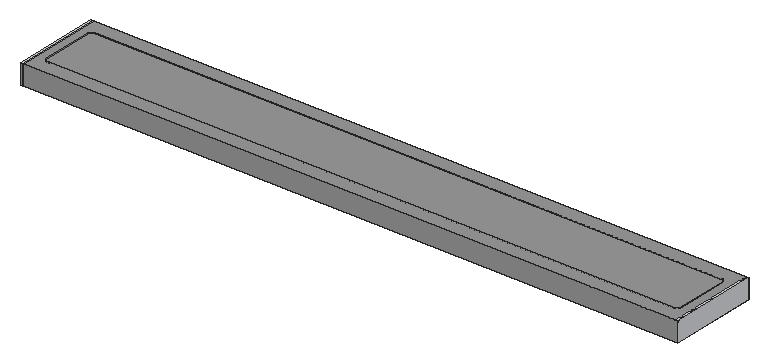
Revit family "2021701", category Lighting Fixtures, host Face, Revit 2018
Family settings
  Host = Face
  Round Connector Dimension = Use Diameter
  Part Type = Normal
  OmniClass Number = 23.80.70.00
  OmniClass Title = Lighting
  Cut with Voids When Loaded = No
  Light Source = Yes
  Shared = No
  Room Calculation Point = No
Parameters (values of type "2021701 OPTIX S 1500 MPO D/I 4K SSA")
  spacer height = 5 mm
  spacer centres = 1000 mm
  lens width = 1135 mm
  full length = 1500 mm
  Width = 200 mm
  Weight = "n/a"
  Wattage Comments = ""
  Wattage = 9.2903 W
  WarrantyStartDate [instance] = "n/a"
  WarrantyGuarantorParts = "n/a"
  WarrantyDurationUnit = "n/a"
  WarrantyDurationParts = ""
  WarrantyDescription = "http://www.sylvania-lighting.com"
  built-in parameter 1150110 = 1 (stored number, unit not read)
  Voltage = 0 V
  URL = "1"
  TypeName = "OPTIX SURFACE 1500 MPO D/I 4000K SSA"
  Type Image = <None>
  Type Comments = "n/a"
  built-in parameter 1114217 = 1 (stored number, unit not read)
  Tilt Angle = 90.00°
  built-in parameter 1150109 = 1 (stored number, unit not read)
  built-in parameter 1150134 = 3
  built-in parameter 1150113 = 1 (stored number, unit not read)
  SerialNumber [instance] = "n/a"
  Photometric Web File = "2021701.ies"
  Material_3_FEILO = none
  PowerFactor = 0
  PowerConsumption = "Lighting"
  NominalLength = 200 mm
  NominalHeight = 0 mm
  NominalDepth = 0 mm
  Name = "OPTIX SURFACE 1500 MPO D/I 4000K SSA"
  ModelReference = Name  # "OPTIX SURFACE 1500 MPO D/I 4000K SSA"
  ModelNumber = "2021701"
  Model = Name  # "OPTIX SURFACE 1500 MPO D/I 4000K SSA"
  Material = "Feilo Sylvania"
  ManufacturerName = "133 lm/W"
  Manufacturer = ""
  LuminousEfficacy = ""
  built-in parameter 1150105 = 109.82 (stored number, unit not read)
  Lumens = 1380 lm
  LuminaireType = "0"
  built-in parameter 1150115 = 1 (stored number, unit not read)
  LightOutputRatio = "LED"
  built-in parameter 1150137 = (empty or 0)
  built-in parameter 1150139 = (empty or 0)
  Lens Width = 135 mm
  Length = 1188 mm
  LampsType = Lamp  # "n/a"
  LampNominalLuminous = "4000 K"
  LampMacAdamStep = "80"
  LampColourTemperature = "LED"
  LampColourRenderingIndex = "16500"
  built-in parameter 1150112 = 1 (stored number, unit not read)
  built-in parameter 1150114 = 1 (stored number, unit not read)
  Lamp = "n/a"
  Keynote = "n/a"
  InstallationDate [instance] = "n/a"
  InputVoltage = "0"
  InputNominalFrequency = "4000"
  built-in parameter 1150132 = (empty or 0)
  built-in parameter 1150102 = (empty or 0)
  built-in parameter 1150107 = 3200 (stored number, unit not read)
  built-in parameter 1150138 = (empty or 0)
  IngressProtection = "IfcLightFixtureType"
  ImpactProtectionIndex = "IfcLightFixtureType"
  built-in parameter 1150106 = 1.0982 (stored number, unit not read)
  IfcExportType = "IfcLightFixtureType"
  IfcExportAs = "Class I"
  Height = 50 mm
  ExpectedLife = 50000
  Emit from Circle Diameter = 609.6 mm
  Emit Shape Visible in Rendering = no
  ElectricShockClassification = "133"
  built-in parameter 1150104 = 13.8 (stored number, unit not read)
  DurationUnit = "hours"
  DocumentationLiterature = "http://www.sylvania-lighting.com/product/en-int/products/2021701"
  DimmingControlOptions = "n/a"
  Material_2_FEILO = none
  Dimming Lamp Color Temperature Shift = <None>
  Description = "OPTIX SURFACE 1500 MPO D/I 4000K SSA is a high efficacy low glare suspended LED Linear luminaire with Micro Prismatic diffuser, with direct/indirect light distribution, luminaire dimensions: 1500x200x50mm, Sylvania White body colour (RAL9016), IP20, IK07, Sylsmart Connected Building capable, low LED flicker (+/-5%), Neutral White (4000K) LED Colour Temperature, 6650lm luminous flux, 50W power consumption, 133lm/W system efficacy, CRI>80, SDCM 3 (3-step MacAdam ellipse) LED Colour Consistency, UGR<18, Luminance at 65° < 3000 cd/m2, lumen maintenance: L90B50 at 71000h, photobiological safety risk group 1. Electrical protection Class I."
  Default Elevation = 1219.2 mm
  CreatedOn = "31/01/2022"
  CreatedBy = "@sylvania-lighting.com"
  Cost = 0
  Color Filter = 16777215
  built-in parameter 1114216 [instance] = (empty or 0)
  ClassificationValue = "EF_70_80"
  ClassificationName = "Uniclass2015"
  Material_1_FEILO = none
  BarCode [instance] = "n/a"
  built-in parameter 1114218 = 1 (stored number, unit not read)
  built-in parameter 1150133 = 10 (stored number, unit not read)
  AssetType = "Fixed"
  AssetIdentifier [instance] = "n/a"
  Assembly Code = "D5020200"
  Apparent Load = 50 VA
  Material_4_FEILO = none
Reference planes
  plane 1 "Center (Front/Back)": y = 0
  plane 2: z = 0
  plane 3 "Center (Left/Right)": x = 0
  plane 4: z = 0
  plane 5: z = 50
  plane 6: y = 100
  plane 7: y = -100
  plane 8: x = -594
  plane 9: x = 594
  plane 10: z = 5
  plane 11: x = -500
  plane 12: x = 500
  plane 13: y = 10
  plane 14: y = -10
  plane 15: x = 487.5
  plane 16: x = 512.5
  plane 17: x = -512.5
  plane 18: x = -487.5
  plane 19: x = -567.5
  plane 20: x = 567.5
  plane 21: y = 67.5
  plane 22: y = -67.5
  plane 23: x = -557.5
  plane 24: y = 57.5
  plane 25: y = -57.5
  plane 26: x = 557.5
  plane 27: x = -750
  plane 28: x = 750
  plane 29: x = -700.314
  plane 30: x = 723.5
  plane 31: x = -671.814
  plane 32: x = 695
  plane 33: x = -744
  plane 34: x = 744
Forms (mm)
  Extrusion 1, solid, material "Aluminum 1100-H18", detail levels medium+fine
    sketch origin (4.2, 0, 0) x (1, 0, 0) y (0, 1, 0)
      loop
        line (-754.2, 100) -> (-754.2, -100) -> (745.8, -100) -> (745.8, 100) -> (-754.2, 100)
    from 5 to 50
  Extrusion 2, solid
    sketch origin (186.707, 0, 0) x (1, 0, 0) y (0, 1, 0)
      loop
        line (483.3, 10) -> (483.3, -10) -> (508.3, -10) -> (508.3, 10) -> (483.3, 10)
    from 0 to 5
  Extrusion 3, solid
    sketch origin (-155.18, 0, 0) x (1, 0, 0) y (0, 1, 0)
      loop
        line (-516.7, 10) -> (-516.7, -10) -> (-491.7, -10) -> (-491.7, 10) -> (-516.7, 10)
    from 0 to 5
  Extrusion 4, void, detail levels fine
    sketch origin (4.2, 0, 0) x (0, 1, 0) y (1, 0, 0)
      loop
        line (67.5, -717.7) -> (67.5, 709.3)
        arc (67.5, 709.3) -> (64.571, 716.371) -> (57.5, 719.3) r 10
        line (57.5, 719.3) -> (-57.5, 719.3)
        arc (-57.5, 719.3) -> (-64.571, 716.371) -> (-67.5, 709.3) r 10
        line (-67.5, 709.3) -> (-67.5, -717.7)
        arc (-67.5, -717.7) -> (-64.571, -724.771) -> (-57.5, -727.7) r 10
        line (-57.5, -727.7) -> (57.5, -727.7)
        arc (57.5, -727.7) -> (64.571, -724.771) -> (67.5, -717.7) r 10
    from -50 to -48
  Extrusion 5, solid, detail levels medium+fine
    sketch origin (4.2, 0, 0) x (1, 0, 0) y (0, 1, 0)
      loop
        line (-754.2, 100) -> (-754.2, -100) -> (-748.2, -100) -> (-748.2, 100) -> (-754.2, 100)
    from 5 to 50
  Extrusion 6, solid, detail levels medium+fine
    sketch origin (4.2, 0, 0) x (1, 0, 0) y (0, 1, 0)
      loop
        line (739.8, 100) -> (739.8, -100) -> (745.8, -100) -> (745.8, 100) -> (739.8, 100)
    from 5 to 50
  Extrusion 7, solid, material "Glass, White, High Luminance", detail levels fine
    sketch origin (4.2, 0, 0) x (1, 0, 0) y (0, 1, 0)
      loop
        arc (-717.7, 67.5) -> (-724.771, 64.571) -> (-727.7, 57.5) r 10
        line (-727.7, 57.5) -> (-727.7, -57.5)
        arc (-727.7, -57.5) -> (-724.771, -64.571) -> (-717.7, -67.5) r 10
        line (-717.7, -67.5) -> (709.3, -67.5)
        arc (709.3, -67.5) -> (716.371, -64.571) -> (719.3, -57.5) r 10
        line (719.3, -57.5) -> (719.3, 57.5)
        arc (719.3, 57.5) -> (716.371, 64.571) -> (709.3, 67.5) r 10
        line (709.3, 67.5) -> (-717.7, 67.5)
    from 48 to 49.5
  Extrusion 8, solid, detail levels coarse
    sketch origin (4.2, 0, 0) x (1, 0, 0) y (0, 1, 0)
      loop
        line (-754.2, 100) -> (-754.2, -100) -> (745.8, -100) -> (745.8, 100) -> (-754.2, 100)
    from 0 to 50
Cuts and joins
  Extrusion 4 cuts Extrusion 2
  Extrusion 4 cuts Extrusion 3
  Extrusion 4 cuts Extrusion 1
Dimensions and locks
  "Width": plane 6 to plane 7
  equal spacing: plane 6, plane 1 "Center (Front/Back)", plane 7
  "Length": plane 8 to plane 9
  equal spacing: plane 8, plane 3 "Center (Left/Right)", plane 9
  "spacer height": plane 10 to host face
  "Height": plane 5 to level
  "spacer centres": plane 11 to plane 12
  equal spacing: plane 11, plane 3 "Center (Left/Right)", plane 12
  "lens width": plane 19 to plane 20
  equal spacing: plane 19, plane 3 "Center (Left/Right)", plane 20
  "Lens Width": plane 21 to plane 22
  equal spacing: plane 21, plane 1 "Center (Front/Back)", plane 22
  "full length": plane 27 to plane 28
  equal spacing: plane 27, plane 3 "Center (Left/Right)", plane 28
  aligned and locked: plane 2 to host face
  aligned and locked: level to host face
Automatic sketch dimensions
  host sketch curve to host sketch curve = 2438.4 mm  (x2)
  Extrusion 1 sketch curve to plane 7 = 0 mm
  Extrusion 1 sketch curve to plane 8 = 156 mm
  plane 9 to Extrusion 1 sketch curve = 156 mm
  Extrusion 1 sketch curve to plane 6 = 0 mm
  Extrusion 2 sketch curve to plane 14 = 0 mm
  plane 15 to Extrusion 2 sketch curve = 182.507 mm
  plane 16 to Extrusion 2 sketch curve = 182.507 mm
  Extrusion 2 sketch curve to plane 13 = 0 mm
  Extrusion 3 sketch curve to plane 14 = 0 mm
  Extrusion 3 sketch curve to plane 17 = 159.38 mm
  Extrusion 3 sketch curve to plane 18 = 159.38 mm
  Extrusion 3 sketch curve to plane 13 = 0 mm
  Extrusion 4 sketch curve to plane 22 = 0 mm
  Extrusion 4 sketch curve to plane 19 = 156 mm
  Extrusion 4 sketch curve to plane 25 = 0 mm  (x2)
  plane 20 to Extrusion 4 sketch curve = 156 mm
  Extrusion 4 sketch curve to plane 24 = 0 mm  (x2)
  Extrusion 4 sketch curve to plane 23 = 156 mm
  Extrusion 5 sketch curve to plane 7 = 0 mm
  Extrusion 5 sketch curve to plane 27 = 0 mm
  Extrusion 5 sketch curve to plane 8 = 150 mm
  Extrusion 5 sketch curve to plane 6 = 0 mm
  Extrusion 6 sketch curve to plane 7 = 0 mm
  plane 9 to Extrusion 6 sketch curve = 150 mm
  Extrusion 6 sketch curve to plane 28 = 0 mm
  Extrusion 6 sketch curve to plane 6 = 0 mm
  Extrusion 7 sketch curve to plane 23 = 156 mm  (x2)
  Extrusion 7 sketch curve to plane 21 = 0 mm
  Extrusion 7 sketch curve to plane 22 = 0 mm
  plane 26 to Extrusion 7 sketch curve = 156 mm  (x2)
  plane 20 to Extrusion 7 sketch curve = 156 mm
  Extrusion 7 sketch curve to plane 24 = 0 mm
  Extrusion 8 sketch curve to plane 7 = 0 mm
  Extrusion 8 sketch curve to plane 27 = 0 mm
  Extrusion 8 sketch curve to plane 28 = 0 mm
  Extrusion 8 sketch curve to plane 6 = 0 mm
Connectors
  electrical at (0, 0, 0), driven by "Apparent Load", driven by "PowerFactor", driven by "Voltage"
    settings: index 1, voltage 0 V, apparent load 50 VA, apparent load phase1 0 VA, apparent load phase2 0 VA, apparent load phase3 0 VA, power factor 0, load classification "Lighting", number of poles 1, system type 30, power factor state 1, is connector primary yes, connector utility no, sub classification motor no, connector description ""
